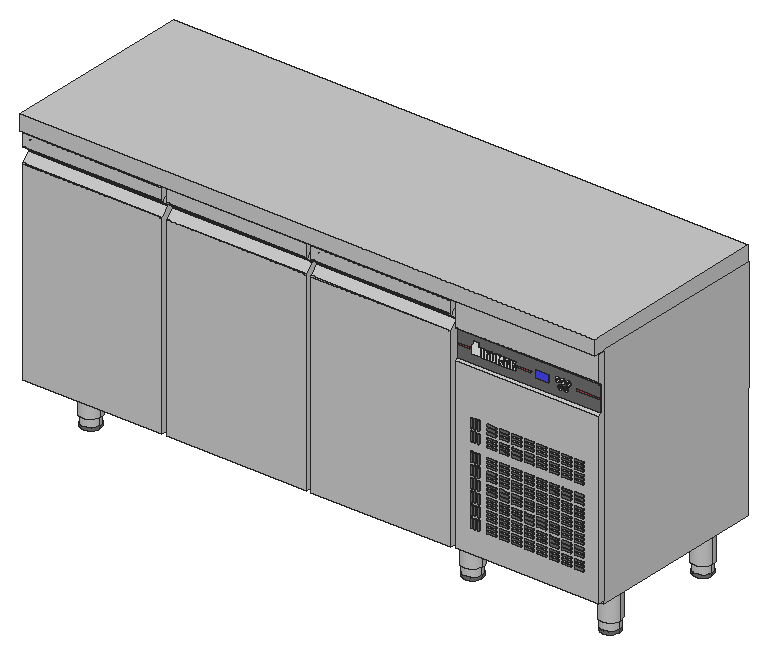
Revit family "QF_INOMAK_PMRP999_250528101708", category Specialty Equipment, Revit 2021 (continued)
Definition of nested family "QF_INOMAK_REF_COUNTERS_WORKTOPS_35632"
  Nested families
    nested 1: "Worktop" at (0, 0, 0), Length Actual <- "Length Actual", Depth Actual <- "Depth Actual", Height AFF <- "Height AFF", Worktop thickness <- "Worktop thickness", Backsplash thickness <- "Backsplash thickness", Backsplash height <- "Backsplash height", type "without backsplash"
      with Worktop thickness 46 mm, Length Actual 1546 mm, Height AFF 0 mm, Depth Actual 700 mm, Backsplash thickness 20 mm, Backsplash height 60 mm, Worktop without backsplash no, Worktop with backsplash yes
  Definition of nested family "Worktop"
    Parameters (values of type "with backsplash")
      Worktop without backsplash = no
      Worktop with backsplash = yes
      Worktop thickness [instance] = 40 mm
      Without worktop = no
      URL = ""
      Model = ""
      Manufacturer = ""
      Length Actual [instance] = 1200 mm
      Height AFF [instance] = 860 mm
      Finish = none
      Description = "TABLE WITH BACKSPLASH"
      Depth Actual [instance] = 700 mm
      Default Elevation = 0 mm
      Backsplash thickness [instance] = 20 mm
      Backsplash height [instance] = 100 mm
      Assembly Code = "E1090320"
    Types (3, lengths in mm): name | Worktop without backsplash | Worktop with backsplash | Without worktop
      with backsplash | no | yes | no
      without backsplash | yes | no | no
      without worktop | no | no | yes
    Reference planes
      plane 1 "Back": y = 0
      plane 2: z = 0
      plane 3 "Left": x = 0
      plane 4 "Right": x = 1200
      plane 5 "Front": y = -700
      plane 6 "Top": z = 900
      plane 7 "Backsplash thickness": y = -20
      plane 8 "Worktop bottom": z = 860
      plane 9 "Upright height": z = 1000
      plane 10 "Center Left Right": x = 600
    Forms (mm)
      Extrusion 1, solid, material <- "Finish", visible <- "Worktop with backsplash"
        sketch origin (0, 0, 0) x (0, 1, 0) y (0, 0, 1)
          loop
            line (0, 1000) -> (-20, 1000) -> (-20, 900) -> (-700, 900) -> (-700, 860) -> (0, 860) -> (0, 1000)
        from 0 to 1200
      Extrusion 2, solid, material <- "Finish", visible <- "Worktop without backsplash"
        sketch origin (0, 0, 0) x (0, 1, 0) y (0, 0, 1)
          loop
            line (0, 860) -> (0, 900) -> (-700, 900) -> (-700, 860) -> (0, 860)
        from 0 to 1200
    Lines and regions (mm)
      Masking region 1, visible <- "Worktop with backsplash"
        outline origin (0, 0, 900) x (0, 1, 0) y (-1, 0, 0)
          loop
            line (0, 0) -> (-700, 0) -> (-700, -1200) -> (0, -1200) -> (0, 0)
      Masking region 2, visible <- "Worktop without backsplash"
        outline origin (0, 0, 900) x (0, 1, 0) y (-1, 0, 0)
          loop
            line (0, 0) -> (-700, 0) -> (-700, -1200) -> (0, -1200) -> (0, 0)
      symbolic lines, visible <- "Worktop with backsplash"
        curve 1: line (0, 0, 0) -> (1200, 0, 0)
        curve 2: line (1200, 0, 0) -> (1200, -700, 0)
        curve 3: line (1200, -700, 0) -> (0, -700, 0)
        curve 4: line (0, -700, 0) -> (0, 0, 0)
        curve 5: line (0, -20, 0) -> (1200, -20, 0)
      symbolic lines, visible <- "Worktop without backsplash"
        curve 6: line (0, 0, 0) -> (1200, 0, 0)
        curve 7: line (1200, 0, 0) -> (1200, -700, 0)
        curve 8: line (1200, -700, 0) -> (0, -700, 0)
        curve 9: line (0, -700, 0) -> (0, 0, 0)
      symbolic lines, visible <- "Without worktop"
        curve 10: line (0, 0, 0) -> (1200, 0, 0)
        curve 11: line (1200, 0, 0) -> (1200, -700, 0)
        curve 12: line (1200, -700, 0) -> (0, -700, 0)
        curve 13: line (0, -700, 0) -> (0, 0, 0)
      reference lines
        curve 14: line (600, 0, 1000) -> (600, -20, 1000)
        curve 15: line (0, -700, 900) -> (1200, -700, 900)
        curve 16: line (1200, -700, 900) -> (1200, 0, 900)
        curve 17: line (0, -700, 900) -> (0, 0, 900)
        curve 18: line (0, 0, 900) -> (1200, 0, 900)
        curve 19: line (600, 0, 860) -> (600, -700, 860)
    Dimensions and locks
      "Length Actual": plane 3 "Left" to plane 4 "Right"
      "Depth Actual": plane 5 "Front" to plane 1 "Back"
      "Backsplash thickness": plane 7 "Backsplash thickness" to plane 1 "Back"
      "Worktop thickness": plane 6 "Top" to plane 8 "Worktop bottom"
      "Backsplash height": plane 9 "Upright height" to plane 6 "Top"
      "Backsplash height": curve 14 to plane 6 "Top"
      "Depth Actual": curve 15 to plane 1 "Back"
      "Length Actual": plane 3 "Left" to curve 16
      "Length Actual": curve 17 to plane 4 "Right"
      "Depth Actual": curve 18 to plane 5 "Front"
      equal spacing: plane 3 "Left", plane 10 "Center Left Right", plane 4 "Right"
      "Height AFF": plane 8 "Worktop bottom" to plane 2
      "Height AFF": curve 19 to plane 2
      aligned and locked: level to plane 2
      aligned and locked: Extrusion 1 to plane 4 "Right"
      aligned and locked: Extrusion 1 sketch curve to plane 7 "Backsplash thickness"
      aligned and locked: curve 5 to plane 7 "Backsplash thickness"
      aligned and locked: Extrusion 1 sketch curve to plane 8 "Worktop bottom"
      aligned and locked: plane 9 "Upright height" to Extrusion 1 sketch curve
      aligned and locked: plane 6 "Top" to Extrusion 1 sketch curve
      aligned and locked: plane 6 "Top" to Extrusion 2 sketch curve
      aligned and locked: Extrusion 2 sketch curve to plane 1 "Back"
      aligned and locked: Extrusion 2 sketch curve to plane 8 "Worktop bottom"
      aligned and locked: Extrusion 2 sketch curve to plane 5 "Front"
      aligned and locked: Extrusion 2 to plane 4 "Right"
      aligned and locked: Masking region 1 sketch curve to Extrusion 1  (x4)
      aligned and locked: Masking region 2 sketch curve to Extrusion 1  (x4)
    Automatic sketch dimensions
      plane 1 "Back" to curve 1 = 0 mm
      curve 13 to plane 3 "Left" = 0 mm
      curve 7 to plane 4 "Right" = 0 mm
      curve 13 to plane 5 "Front" = 0 mm
      Extrusion 1 sketch curve to plane 1 "Back" = 0 mm
      Extrusion 1 sketch curve to plane 5 "Front" = 0 mm
      curve 19 to plane 1 "Back" = 0 mm
      curve 14 to plane 1 "Back" = 0 mm
      curve 14 to plane 7 "Backsplash thickness" = 0 mm
      curve 19 to plane 5 "Front" = 0 mm
      curve 16 to plane 5 "Front" = 0 mm
      curve 17 to plane 5 "Front" = 0 mm
      plane 1 "Back" to curve 17 = 0 mm
      plane 1 "Back" to curve 16 = 0 mm
      curve 15 to plane 4 "Right" = 0 mm
      curve 18 to plane 4 "Right" = 0 mm
      curve 18 to plane 3 "Left" = 0 mm
      curve 15 to plane 3 "Left" = 0 mm
Definition of nested family "QF_INOMAK_REF_COUNTERS_LEGS_37461"
  Parameters (values of type "LG-1790-700")
    Weight [instance] = 0.00 kg
    Warranty Start Date [instance] = ""
    Warranty Duration [instance] = ""
    URL Cutsheet [instance] = ""
    URL = "www.inomak.com"
    Technical Documentation [instance] = ""
    Tag Number [instance] = ""
    Status [instance] = ""
    Specification by User [instance] = ""
    Specification by Manufacturer [instance] = ""
    Sound Level [instance] = ""
    Solid Fuel Type [instance] = ""
    Show Logo [instance] = yes
    Show Clearances [instance] = yes
    Service Life Duration [instance] = ""
    Serial Number [instance] = ""
    Seismic Rating [instance] = ""
    SMACNA No [instance] = ""
    Revision Code [instance] = ""
    Revision [instance] = ""
    Production Year [instance] = ""
    Point Load [instance] = 0
    Other Equipment Approvals [instance] = ""
    NAFEM Spec ID Number [instance] = ""
    Model Warning [instance] = ""
    Model = "LG"
    Masterspec [instance] = ""
    Manufacturer = "INOMAK"
    Length Actual [instance] = 1792 mm
    Legs inset right [instance] = 70 mm
    Legs inset rear [instance] = 90 mm
    Legs inset left [instance] = 100 mm
    Legs inset front [instance] = 150 mm
    Item Number [instance] = ""
    Installed By [instance] = ""
    Installation Date [instance] = ""
    Identify Quantity as Lot [instance] = yes
    ID [instance] = ""
    Hygiene Approval [instance] = ""
    Height Actual [instance] = 144 mm
    Furnished By [instance] = ""
    Foodservice Equipment Identifier [instance] = yes
    ETL Approved [instance] = yes
    Description = "STANDARD LEGS"
    Depth Actual [instance] = 700 mm
    Default Elevation = 0 mm
    CentralLegs [instance] = if(Length Actual > 2000 mm, 2 > 1, 2 < 1)  # no
    CSI MasterFormat [instance] = ""
    CE Approved [instance] = yes
    Barcode [instance] = ""
    Author [instance] = ""
    Asset Identifier [instance] = ""
    Assembly Code = "E1090320"
    Accessory [instance] = yes
  Types (8, lengths in mm): name | Length Actual | Height Actual | Depth Actual | CentralLegs
    LG-2240-700 | 2242 | 144 | 700 | yes
    LG-1790-700 | 1792 | 144 | 700 | no
    LG-1345-700 | 1342 | 144 | 700 | no
    LG-1345-600 | 1342 | 144 | 600 | no
    LG-1790-600 | 1792 | 144 | 600 | no
    LG-2240-600 | 2242 | 144 | 600 | yes
    LG-1790-700-BC | 1792 | 115 | 700 | no
    LG-2240-700-BC | 2242 | 115 | 700 | yes
  Reference planes
    plane 1 "Back": y = 0
    plane 2: z = 0
    plane 3 "Left": x = 0
    plane 4 "Right": x = 1792
    plane 5 "Front": y = -700
    plane 6 "Top": z = 144
    plane 7 "Left offset": x = 100
    plane 8 "Right offset": x = 1722
    plane 9 "Rear offset": y = -90
    plane 10 "Front offset": y = -550
    plane 11 "Central": x = 696
    plane 12: x = 1292
  Dimensions and locks
    "Length Actual": plane 3 "Left" to plane 4 "Right"
    "Depth Actual": plane 5 "Front" to plane 1 "Back"
    "Legs inset left": plane 3 "Left" to plane 7 "Left offset"
    "Legs inset right": plane 8 "Right offset" to plane 4 "Right"
    "Legs inset rear": plane 9 "Rear offset" to plane 1 "Back"
    "Legs inset front": plane 10 "Front offset" to plane 5 "Front"
    "Height Actual": plane 6 "Top" to plane 2
    equal spacing: plane 12, plane 11 "Central", plane 7 "Left offset"
    locked: plane 12 to plane 8 "Right offset" at 430
    aligned and locked: level to plane 2
    aligned and locked: nested 6 to plane 11 "Central"
    aligned and locked: nested 6 to plane 10 "Front offset"
    aligned and locked: nested 7 to plane 7 "Left offset"
    aligned and locked: nested 7 to plane 10 "Front offset"
    aligned and locked: nested 5 to plane 12
    aligned and locked: nested 5 to plane 10 "Front offset"
    aligned and locked: nested 4 to plane 8 "Right offset"
    aligned and locked: nested 4 to plane 10 "Front offset"
    aligned and locked: nested 1 to plane 7 "Left offset"
    aligned and locked: nested 1 to plane 9 "Rear offset"
    aligned and locked: nested 2 to plane 12
    aligned and locked: nested 2 to plane 9 "Rear offset"
    aligned and locked: nested 3 to plane 8 "Right offset"
    aligned and locked: nested 3 to plane 9 "Rear offset"
  Nested families
    nested 1: "QF_INOMAK_LEG" at (100, -90, 0), type "QF_INOMAK_LEG"
      with Height 144 mm
    nested 2: "QF_INOMAK_LEG" at (1292, -90, 0), type "QF_INOMAK_LEG"
      with Height 144 mm
    nested 3: "QF_INOMAK_LEG" at (1722, -90, 0), type "QF_INOMAK_LEG"
      with Height 144 mm
    nested 4: "QF_INOMAK_LEG" at (1722, -550, 0), type "QF_INOMAK_LEG"
      with Height 144 mm
    nested 5: "QF_INOMAK_LEG" at (1292, -550, 0), type "QF_INOMAK_LEG"
      with Height 144 mm
    nested 6: "QF_INOMAK_LEG" at (696, -550, 0), visible <- "CentralLegs", type "QF_INOMAK_LEG"
      with Height 144 mm
    nested 7: "QF_INOMAK_LEG" at (100, -550, 0), type "QF_INOMAK_LEG"
      with Height 144 mm
  Definition of nested family "QF_INOMAK_LEG"
    Parameters (values of type "QF_INOMAK_LEG")
      Height = 115 mm
      Default Elevation = 0 mm
    Reference planes
      plane 1 "Center (Front/Back)": y = 0
      plane 2: z = 0
      plane 3 "Center (Left/Right)": x = 0
      plane 4 "Top": z = 115
    Forms (mm)
      Extrusion 1, solid
        sketch origin (0, 0, 115) x (0, 1, 0) y (-1, 0, 0)
          loop
            line (50, 45) -> (-50, 45) -> (-50, -45) -> (50, -45) -> (50, 45)
        from 0 to -3
      Extrusion 2, solid
        sketch origin (-199.986, 580, 0) x (1, 0, 0) y (0, 1, 0)
          loop
            circle (199.986, -580) r 28
        from 9 to 35
      Extrusion 3, solid
        sketch origin (-199.986, 580, 0) x (1, 0, 0) y (0, 1, 0)
          loop
            circle (199.986, -580) r 28.5
        from 0 to 9
      Sweep 4, solid
        path origin (0, 0, 0) x (0, 1, 0) y (0, 0, 1)
          loop
            line (0, 112) -> (0, 35)
        profile origin (0, 0, 73.5) x (1, 0, 0) y (0, 1, 0)
          loop
            circle (0, 0) r 32
    Dimensions and locks
      "Height": plane 4 "Top" to plane 2
      aligned and locked: level to plane 2
    Automatic sketch dimensions
      plane 1 "Center (Front/Back)" to Extrusion 1 sketch curve = 50 mm
      Extrusion 1 sketch curve to plane 1 "Center (Front/Back)" = 50 mm
      plane 3 "Center (Left/Right)" to Extrusion 1 sketch curve = 45 mm
      Extrusion 1 sketch curve to plane 3 "Center (Left/Right)" = 45 mm
      plane 1 "Center (Front/Back)" to Extrusion 2 sketch curve = 0 mm
      Extrusion 2 sketch curve to plane 3 "Center (Left/Right)" = 0 mm
      plane 1 "Center (Front/Back)" to Extrusion 3 sketch curve = 0 mm
      Extrusion 3 sketch curve to plane 3 "Center (Left/Right)" = 0 mm
      Sweep 4 sketch curve to plane 1 "Center (Front/Back)" = 0 mm
      level to Sweep 4 sketch curve = 35 mm
      Sweep 4 sketch curve to plane 4 "Top" = 3 mm
      Sweep 4 sketch curve to plane 3 "Center (Left/Right)" = 0 mm
      profile plane to Sweep 4 sketch curve = 0 mm
      radius of Extrusion 2 sketch curve = 28 mm
      radius of Extrusion 3 sketch curve = 28.5 mm
      radius of Sweep 4 sketch curve = 32 mm
Definition of nested family "CONN_POINT_DRAIN_2D___Generic_Annotation"
  Parameters (values of type "CONN_POINT_DRAIN_2D___Generic_Annotation")
    Onboard connection annotation symbol visibility [instance] = yes
  Reference planes
    plane 1: y = 0
    plane 2: x = 0
  Lines and regions (mm)
    detail lines, visible <- "Onboard connection annotation symbol visibility"
      curve 1: circle (0, 0, 0) r 0.5 normal (0, 0, 1)
      curve 2: line (-1, 0, 0) -> (1, 0, 0)
      curve 3: line (0, 1, 0) -> (0, -1, 0)
      curve 4: line (1.776, 1, 0) -> (1.25, 1, 0)
      curve 5: line (1.25, 1, 0) -> (1.25, -1, 0)
      curve 6: line (1.25, -1, 0) -> (1.776, -1, 0)
      curve 7: arc (2.206, -0.862, 0) -> (2.459, -0.589, 0) -> (2.583, -0.238, 0) r 0.918
      curve 8: arc (2.583, 0.238, 0) -> (2.459, 0.589, 0) -> (2.206, 0.862, 0) r 0.918
      curve 9: arc (2.583, -0.238, 0) -> (2.599, 0, 0) -> (2.583, 0.238, 0) r 1.77
      curve 10: arc (2.206, 0.862, 0) -> (2.002, 0.965, 0) -> (1.776, 1, 0) r 0.741
      curve 11: arc (1.776, -1, 0) -> (2.002, -0.965, 0) -> (2.206, -0.862, 0) r 0.741
Definition of nested family "CONN_POINT_ELE_2D___Generic_Annotation"
  Parameters (values of type "CONN_POINT_ELE_2D___Generic_Annotation")
    Onboard connection annotation symbol visibility [instance] = yes
  Reference planes
    plane 1: y = 0
    plane 2: x = 0
  Lines and regions (mm)
    detail lines, visible <- "Onboard connection annotation symbol visibility"
      curve 1: circle (0, 0, 0) r 0.5 normal (0, 0, 1)
      curve 2: line (-1, 0, 0) -> (1, 0, 0)
      curve 3: line (0, 1, 0) -> (0, -1, 0)
      curve 4: line (2.5, 1, 0) -> (1.25, 1, 0)
      curve 5: line (1.25, 1, 0) -> (1.25, -1, 0)
      curve 6: line (1.25, -1, 0) -> (2.5, -1, 0)
      curve 7: line (1.25, 0, 0) -> (2, 0, 0)
